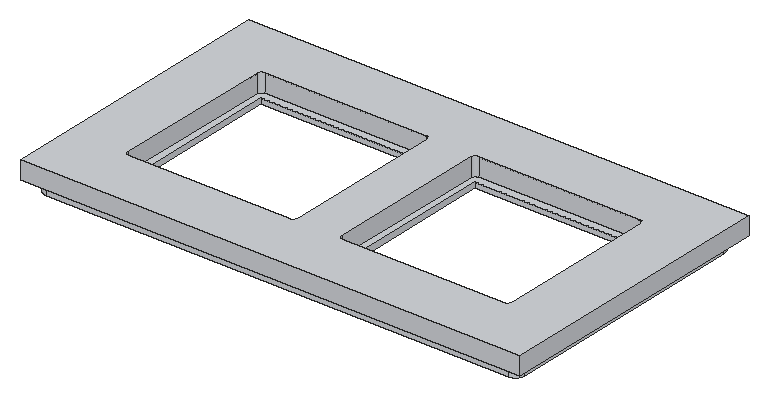
Revit family "Gira_021210", category Electrical Fixtures, host Face, Revit 2017
Family settings
  Host = Face
  Maintain Annotation Orientation = No
  Round Connector Dimension = Use Diameter
  Part Type = Normal
  Cut with Voids When Loaded = No
  Shared = No
  Room Calculation Point = No
Parameters (values of type "Cov.fr. 2-g Gira Esprit chrome")
  With mounting grid = "No"
  With hinged lid = "No"
  URL = "http://katalog.gira.de/en/datenblatt.html?artikelnr=021210"
  Type of fastening = "Clamp mounting"
  Transparent = "No"
  Surface protection = "Other"
  Suitable for wall duct = "No"
  Suitable for flush-mounted installation = "Yes"
  Suitable for floor box = "No"
  Suitable for built-in installation = "No"
  Number of units vertical = "2"
  Number of units horizontal = "2"
  Number of units = "2"
  Name = "Cov.fr. 2-g Gira Esprit chrome"
  Mounting direction = "Horizontal and vertical"
  Material quality = "Other"
  Material = "Metal"
  Manufacturer URL = "https://www.gira.de/"
  Manufacturer = "Gira"
  Label space/information surface = "No"
  Keynote = ""
  HeinzeBIM = "https://bimportal.heinze.de/bim/cov-fr-2-g-gira-esprit-chrome/25b0136689880f39970e2157ddd1d79af2e73a47"
  Halogen free = "No"
  HAN = "021210"
  GTIN = "4010337003021"
  Description = "Cov.fr.2g Espr. CH,Gira Esprit cover frame,chrome,2-gang,Features:,- Highly-polished surface."
  Degree of protection (IP) = "IP20"
  Default Elevation = 1219.2 mm
  Data sheet (1) = "https://katalog.gira.de/en/download.html?artikelnr=021210"
  Colour = "Chrome"
  Category = "Cover frame for domestic switching devices"
  BIM (1) = "https://media.stage.bim.site/public/gira/36a6b08/Espr._Rahmen_2fach.rfa"
  Available = "No"
Reference planes
  plane 1 "Center (Front/Back)": y = 0
  plane 2: z = 0
  plane 3 "Center (Left/Right)": x = 0
Forms (mm)
  Extrusion 1, solid, detail levels fine
    sketch origin (0, 0, 0) x (1, 0, 0) y (0, 1, 0)
      loop
        line (-83, 47.5) -> (-83, -47.5) -> (83, -47.5) -> (83, 47.5) -> (-83, 47.5)
      loop
        arc (-63.75, -26.7) -> (-63.311, -27.761) -> (-62.25, -28.2) r 1.5
        line (-62.25, -28.2) -> (-8.85, -28.2)
        arc (-8.85, -28.2) -> (-7.789, -27.761) -> (-7.35, -26.7) r 1.5
        line (-7.35, -26.7) -> (-7.35, 26.7)
        arc (-7.35, 26.7) -> (-7.789, 27.761) -> (-8.85, 28.2) r 1.5
        line (-8.85, 28.2) -> (-62.25, 28.2)
        arc (-62.25, 28.2) -> (-63.311, 27.761) -> (-63.75, 26.7) r 1.5
        line (-63.75, 26.7) -> (-63.75, -26.7)
      loop
        line (63.75, -26.7) -> (63.75, 26.7)
        arc (63.75, 26.7) -> (63.311, 27.761) -> (62.25, 28.2) r 1.5
        line (62.25, 28.2) -> (8.85, 28.2)
        arc (8.85, 28.2) -> (7.789, 27.761) -> (7.35, 26.7) r 1.5
        line (7.35, 26.7) -> (7.35, -26.7)
        arc (7.35, -26.7) -> (7.789, -27.761) -> (8.85, -28.2) r 1.5
        line (8.85, -28.2) -> (62.25, -28.2)
        arc (62.25, -28.2) -> (63.311, -27.761) -> (63.75, -26.7) r 1.5
    from 0 to 6
  Extrusion 2, solid, detail levels fine
    sketch origin (0, 0, 0) x (1, 0, 0) y (0, 1, 0)
      loop
        line (-61.45, -25.7) -> (-9.65, -25.7) -> (-9.65, 25.7) -> (-61.45, 25.7) -> (-61.45, -25.7)
      loop
        line (61.45, 25.7) -> (9.65, 25.7) -> (9.65, -25.7) -> (61.45, -25.7) -> (61.45, 25.7)
      loop
        arc (-78.454, -41.3) -> (-77.927, -42.573) -> (-76.654, -43.1) r 1.8
        line (-76.654, -43.1) -> (76.654, -43.1)
        arc (76.654, -43.1) -> (77.927, -42.573) -> (78.454, -41.3) r 1.8
        line (78.454, -41.3) -> (78.454, 41.3)
        arc (78.454, 41.3) -> (77.927, 42.573) -> (76.654, 43.1) r 1.8
        line (76.654, 43.1) -> (-76.654, 43.1)
        arc (-76.654, 43.1) -> (-77.927, 42.573) -> (-78.454, 41.3) r 1.8
        line (-78.454, 41.3) -> (-78.454, -41.3)
    from -1.9 to 0
  Extrusion 3, solid, detail levels fine
    sketch origin (0, 0, 0) x (1, 0, 0) y (0, 1, 0)
      loop
        arc (-76.75, 44.4) -> (-78.871, 43.521) -> (-79.75, 41.4) r 3
        line (-79.75, 41.4) -> (-79.75, -41.4)
        arc (-79.75, -41.4) -> (-78.871, -43.521) -> (-76.75, -44.4) r 3
        line (-76.75, -44.4) -> (76.75, -44.4)
        arc (76.75, -44.4) -> (78.871, -43.521) -> (79.75, -41.4) r 3
        line (79.75, -41.4) -> (79.75, 41.4)
        arc (79.75, 41.4) -> (78.871, 43.521) -> (76.75, 44.4) r 3
        line (76.75, 44.4) -> (-76.75, 44.4)
      loop
        arc (-78.55, -41.4) -> (-78.023, -42.673) -> (-76.75, -43.2) r 1.8
        line (-76.75, -43.2) -> (76.75, -43.2)
        arc (76.75, -43.2) -> (78.023, -42.673) -> (78.55, -41.4) r 1.8
        line (78.55, -41.4) -> (78.55, 41.4)
        arc (78.55, 41.4) -> (78.023, 42.673) -> (76.75, 43.2) r 1.8
        line (76.75, 43.2) -> (-76.75, 43.2)
        arc (-76.75, 43.2) -> (-78.023, 42.673) -> (-78.55, 41.4) r 1.8
        line (-78.55, 41.4) -> (-78.55, -41.4)
    from -3.7 to 0
  Extrusion 4, solid, detail levels medium
    sketch origin (0, 0, 0) x (1, 0, 0) y (0, 1, 0)
      loop
        line (-83, 47.5) -> (-83, -47.5) -> (83, -47.5) -> (83, 47.5) -> (-83, 47.5)
    from 0 to 6
  Extrusion 5, solid, detail levels medium
    sketch origin (0, 0, 0) x (1, 0, 0) y (0, 1, 0)
      loop
        line (-79.75, 44.4) -> (-79.75, -44.4) -> (79.75, -44.4) -> (79.75, 44.4) -> (-79.75, 44.4)
    from -3.7 to 0
  Extrusion 6, solid, detail levels coarse
    sketch origin (0, 0, 0) x (1, 0, 0) y (0, 1, 0)
      loop
        line (-83, 47.5) -> (-83, -47.5) -> (83, -47.5) -> (83, 47.5) -> (-83, 47.5)
    from -3.7 to 6
Dimensions and locks
  aligned and locked: plane 2 to host face
  aligned and locked: level to host face
